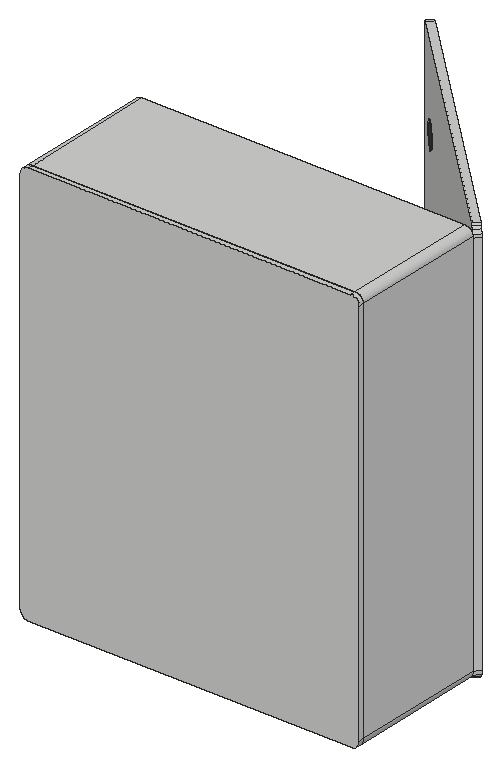
Revit family "Building-SurfaceMountingEnclosures-GEWISS-44CEP-DISTRIBUTION-BOARD-GWPLAST_BLANK_DOOR_IP55", category Attrezzatura elettrica, host Muro, Revit 2016
Family settings
  Host = Muro
  Configurazione quadro = Due colonne, circuiti in orizzontale
  Tipo di parte = Pannello comandi
  Quota connettore circolare = Usa diametro
  Numero OmniClass = 23.80.30.11.17
  Titolo OmniClass = Distribution Boards and Control Panels
  Sempre verticale = Sì
  Taglio con vuoti quando caricato = No
  Condiviso = No
  Punto di calcolo locali = Sì
Parameters (values of type "GW44811 - WATERT.BOARD 396X474X160 IP55 BLANK DOOR")
  Vista di pianta [instance] = yes
  Version file RFA = "18.0"
  URL = "https://www.gewiss.com/ww/en"
  Type of material = "Halogen-free in compliance with EN 60754-2"
  Type of door = "Blank door"
  Thermo-pressure with ball = "110 °C"
  Technical sheet = "https://www.gewiss.com/ww/en/search?q=GW44811"
  Struttura quadro = GEWISS - GRIGIO RAL 7035
  Standard. = "EN 61439-1, EN 61439-2, EN60670-1, IEC 60670-24"
  Standard = "EN 61439-1, EN 61439-2, EN60670-1, IEC 60670-24"
  Sportello visibile [instance] = yes
  Spessore quadro = 160 mm
  Simbolo [instance] = yes
  Shock resistance = "IK08"
  SEO = "Board"
  Realized by GEWISS S.p.A. = ""
  Rated insulation voltage (Ui) = "750V"
  Rated impulse withstand voltage = "750V"
  Produttore = "GEWISS S.p.A."
  Potenza quadro = 0 V
  Porta = GEWISS - Pannello cieco : 2 FORI
  Pannello = GEWISS - GRIGIO RAL 7035
  Outer dim. LxHxD (mm) = "396x474x160"
  Operating temperature = "-25 +60 °C"
  Offset etichetta nome quadro [instance] = 685.076 mm
  No. of modules EN 50022: = "32 (16X2)"
  No. locks = "2"
  No. EN 50022 mod. per comp. = "32 (16X2)"
  Modello = "GW44811"
  Maximum rated insulation voltage (Ue) = "750V"
  Material = "Technopolymer GWPLAST 120"
  Maniglia visibile [instance] = yes
  Maniglia = GEWISS - NERO
  Larghezza quadro = 396 mm
  Insulation voltage: = "750 V"
  Insulation voltage = "750V"
  Insulation class = "II"
  Immagine tipo = GW44808.jpg
  IP degree = "IP55"
  IFC.TypeObject = ""
  IFC.ExportType = ""
  IFC.ExportAs = ""
  IDT = "de051df7-38e9-40b9-ab4d-7bc773408338"
  IDF = "34fc3f6a-3b08-49b0-8701-0c2d89362dfc"
  H_quadro = 474 mm
  H_da terra = 500 mm
  Glow Wire Test = "650°C"
  GW - NOME QUADRO [instance] = "NOME QUADRO"
  GEWISS SCHEDA TECNICA = "http://pro.gewiss.com/irj/portal/?NavigationTarget=pcd:portal_content/com.gewiss.ZPPFDMain/com.gewiss.ZPPFDITMain/com.gewiss.ZPPFDITMainDefault/com.gewiss.ZPPFDITPages/com.gewiss.ZPPFDITPagesAP/com.gewiss.ZPPFDITPagesAPCatalogo/com.gewiss.ZPPPDITAPProductDetail&codProd=GW44811"
  Family = "44 CEP"
  Etichetta nome quadro [instance] = yes
  Electrocod = "1312"
  EAN code = "8011564028470"
  Distanza_fori = 100 mm
  Distanza orizzontale del simbolo [instance] = 887.355 mm
  Distanza dal muro [instance] = 4.208 mm
  Dispersible power B (W) = "46"
  Dispersible power A (W) = "52"
  Descrizione = "WATERT.BOARD 396X474X160 IP55 BLANK DOOR"
  Cornice simbolo [instance] = yes
  Colour = "Grey RAL 7035"
  Classificazione carico = Other
  Catalogue Range = "44 CEP"
  Catalogue = "BUILDING"
  Carico Apparente = 0 VA
  COBie.Tagnumber = ""
  COBie.CreatedOn = ""
  COBie.CreatebBy = ""
  COBie.ComponentRegisterItemID = ""
  COBie.Component.TagNumber = ""
  COBie.Component.Space = ""
  COBie.Component.SerialNumber = ""
  COBie.Component.InstallationDate = ""
  COBie.Component.Description = ""
  COBie.Component.BarCode = ""
  Bidimensionale = 2D - CEP QUADRI STAGNI GWPLAST IP55 : 2 fori
  Apertura quadro [instance] = 45.00°
  Angolo di apertura reale [instance] = if(Apertura quadro < 0.00°, 0.00°, if(Apertura quadro > 180.00°, 180.00°, Apertura quadro))  # 45.00°
  Accessories for insulation restoring = "GW44621-GW46446-GW46451"
Types (4, lengths in mm): name | Technical sheet | Spessore quadro | Porta | Outer dim. LxHxD (mm) | Offset etichetta nome quadro | No. of modules EN 50022: | No. locks | No. EN 50022 mod. per comp. | Modello | Larghezza quadro | IDT | H_quadro | H_da terra | GEWISS SCHEDA TECNICA | EAN code | Distanza orizzontale del simbolo | Dispersible power B (W) | Dispersible power A (W) | Descrizione | Bidimensionale
  GW44808 - WATERT.BOARD 200X254X135 IP55 BLANK DOOR | "https://www.gewiss.com/ww/en/search?q=GW44808" | 135 | GEWISS - Pannello cieco : 1 FORO | "200x254x135" | 685.076 | "" | "1" | "-" | "GW44808" | 200 | "dc6aaac6-f934-413c-811c-a9c2cc1ec30c" | 254 | 500 | "http://pro.gewiss.com/irj/portal/?NavigationTarget=pcd:portal_content/com.gewiss.ZPPFDMain/com.gewiss.ZPPFDITMain/com.gewiss.ZPPFDITMainDefault/com.gewiss.ZPPFDITPages/com.gewiss.ZPPFDITPagesAP/com.gewiss.ZPPFDITPagesAPCatalogo/com.gewiss.ZPPPDITAPProductDetail&codProd=GW44811" | "8011564028524" | 887.355 | "17" | "16" | "WATERT.BOARD 200X254X135 IP55 BLANK DOOR" | 2D - CEP QUADRI STAGNI GWPLAST IP55 : 1 foro
  GW44809 - WATERT.BOARD 236X316X135 IP55 BLANK DOOR | "https://www.gewiss.com/ww/en/search?q=GW44809" | 135 | GEWISS - Pannello cieco : 1 FORO | "236x316x135" | 685.1 | "8" | "1" | "8" | "GW44809" | 236 | "8ebf1045-4170-4501-ab2a-18a17f89c6fb" | 316 | 500 | "http://pro.gewiss.com/irj/portal/?NavigationTarget=pcd:portal_content/com.gewiss.ZPPFDMain/com.gewiss.ZPPFDITMain/com.gewiss.ZPPFDITMainDefault/com.gewiss.ZPPFDITPages/com.gewiss.ZPPFDITPagesAP/com.gewiss.ZPPFDITPagesAPCatalogo/com.gewiss.ZPPPDITAPProductDetail&codProd=GW44809" | "8011564028531" | 1033.355 | "31" | "26" | "WATERT.BOARD 236X316X135 IP55 BLANK DOOR" | 2D - CEP QUADRI STAGNI GWPLAST IP55 : 1 foro
  GW44810 - WATERT.BOARD 316X396X160 IP55 BLANK DOOR | "https://www.gewiss.com/ww/en/search?q=GW44810" | 160 | GEWISS - Pannello cieco : 2 FORI | "316x396x160" | 685.076 | "24 (12X2)" | "2" | "24 (12X2)" | "GW44810" | 316 | "36204c1d-ad06-4728-a5b7-e880479a354f" | 396 | 396 | "http://pro.gewiss.com/irj/portal/?NavigationTarget=pcd:portal_content/com.gewiss.ZPPFDMain/com.gewiss.ZPPFDITMain/com.gewiss.ZPPFDITMainDefault/com.gewiss.ZPPFDITPages/com.gewiss.ZPPFDITPagesAP/com.gewiss.ZPPFDITPagesAPCatalogo/com.gewiss.ZPPPDITAPProductDetail&codProd=GW44810" | "8011564028463" | 1033.355 | "34" | "42" | "WATERT.BOARD 316X396X160 IP55 BLANK DOOR" | 2D - CEP QUADRI STAGNI GWPLAST IP55 : 2 fori
  GW44811 - WATERT.BOARD 396X474X160 IP55 BLANK DOOR | "https://www.gewiss.com/ww/en/search?q=GW44811" | 160 | GEWISS - Pannello cieco : 2 FORI | "396x474x160" | 685.076 | "32 (16X2)" | "2" | "32 (16X2)" | "GW44811" | 396 | "de051df7-38e9-40b9-ab4d-7bc773408338" | 474 | 500 | "http://pro.gewiss.com/irj/portal/?NavigationTarget=pcd:portal_content/com.gewiss.ZPPFDMain/com.gewiss.ZPPFDITMain/com.gewiss.ZPPFDITMainDefault/com.gewiss.ZPPFDITPages/com.gewiss.ZPPFDITPagesAP/com.gewiss.ZPPFDITPagesAPCatalogo/com.gewiss.ZPPPDITAPProductDetail&codProd=GW44811" | "8011564028470" | 887.355 | "46" | "52" | "WATERT.BOARD 396X474X160 IP55 BLANK DOOR" | 2D - CEP QUADRI STAGNI GWPLAST IP55 : 2 fori
Reference planes
  plane 1 "Muro": y = 0
  plane 2 "Centro (Sinistra/Destra)": x = 125
  plane 3 "Indietro": y = 75
  plane 4 "SX": x = -73
  plane 5 "DX": x = 323
  plane 6: y = 241
  plane 7 "Base quadro": z = 500
  plane 8: z = 974
  plane 9: y = 81
  plane 10: z = 737
  plane 11: x = -960.355
  plane 12: y = 760.076
Forms (mm)
  Extrusion 1, solid, material "GEWISS - GRIGIO RAL 7035" <- "Struttura quadro"
    sketch origin (0, 0, 0) x (1, 0, 0) y (0, 0, 1)
      loop
        line (313.613, 974) -> (-63.613, 974)
        arc (-63.613, 974) -> (-70.251, 971.251) -> (-73, 964.613) r 9.387
        line (-73, 964.613) -> (-73, 509.387)
        arc (-73, 509.387) -> (-70.251, 502.749) -> (-63.613, 500) r 9.387
        line (-63.613, 500) -> (313.613, 500)
        arc (313.613, 500) -> (320.251, 502.749) -> (323, 509.387) r 9.387
        line (323, 509.387) -> (323, 964.613)
        arc (323, 964.613) -> (320.251, 971.251) -> (313.613, 974) r 9.387
      loop
        line (297.613, 954) -> (-47.613, 954)
        arc (-47.613, 954) -> (-51.422, 952.422) -> (-53, 948.613) r 5.387
        line (-53, 948.613) -> (-53, 525.387)
        arc (-53, 525.387) -> (-51.422, 521.578) -> (-47.613, 520) r 5.387
        line (-47.613, 520) -> (297.613, 520)
        arc (297.613, 520) -> (301.422, 521.578) -> (303, 525.387) r 5.387
        line (303, 525.387) -> (303, 948.613)
        arc (303, 948.613) -> (301.422, 952.422) -> (297.613, 954) r 5.387
    from -241 to -81
  Extrusion 2, solid, material "GEWISS - GRIGIO RAL 7035" <- "Pannello"
    sketch origin (0, 0, 0) x (1, 0, 0) y (0, 0, 1)
      loop
        arc (-63.613, 974) -> (-70.251, 971.251) -> (-73, 964.613) r 9.387
        line (-73, 964.613) -> (-73, 509.387)
        arc (-73, 509.387) -> (-70.251, 502.749) -> (-63.613, 500) r 9.387
        line (-63.613, 500) -> (313.613, 500)
        arc (313.613, 500) -> (320.251, 502.749) -> (323, 509.387) r 9.387
        line (323, 509.387) -> (323, 964.613)
        arc (323, 964.613) -> (320.251, 971.251) -> (313.613, 974) r 9.387
        line (313.613, 974) -> (-63.613, 974)
    from -81 to -75
Lines and regions (mm)
  Masking region 1, visible <- "Vista di pianta"
    outline origin (-33, 241, 0) x (0.984808, 0.173648, 0) y (-0.173648, 0.984808, 0)
      loop
        line (321.766, -225.297) -> (350.592, -61.819) -> (-39.392, 6.946) -> (-68.218, -156.532) -> (321.766, -225.297)
  Masking region 2
    outline origin (125, 0, 0) x (0, 1, 0) y (0, 0, 1)
      loop
        line (75, 500) -> (241, 500) -> (241, 974) -> (75, 974) -> (75, 500)
  Masking region 3, visible <- "Vista di pianta"
    outline origin (-38.777, 208.238, 0) x (0.984808, 0.173648, 0) y (-0.173648, 0.984808, 0)
      loop
        line (134.833, 293.827) -> (361.97, -30.558) -> (368.523, -25.969) -> (141.387, 298.415) -> (134.833, 293.827)
  reference lines
    curve 1: line (323, 241, 0) -> (40.157, 523.843, 0)
Text (mm)
  text "Lato posizionamento" at (-2540.362, 1733.729, 0), in view "Livello rif."
  text "Lato posizionamento" at (0, 1409.804, 2854.306), in view "Sinistra"
  text "Lato posizionamento" at (0, 499.811, 2980.732), in view "Destra"
Dimensions and locks
  locked: plane 3 "Indietro" to host wall
  "H_da terra": level to plane 7 "Base quadro"
  "H_quadro": plane 7 "Base quadro" to plane 8
  locked: plane 9 to host wall at 6
  "Spessore quadro": plane 6 to plane 9
  equal spacing: plane 7 "Base quadro", plane 10, plane 8
  "Larghezza quadro": plane 4 "SX" to plane 5 "DX"
  "Distanza orizzontale del simbolo": plane 11 to plane 4 "SX"
  "Offset etichetta nome quadro": plane 12 to plane 3 "Indietro"
  equal spacing: plane 4 "SX", plane 2 "Centro (Sinistra/Destra)", plane 5 "DX"
  locked: Extrusion 1 sketch curve to Extrusion 1 sketch curve at 20  (x4)
  "Apertura quadro": angle curve 1 to plane 6
  aligned and locked: plane 1 "Muro" to host wall
  aligned and locked: plane 8 to Extrusion 1 sketch curve
  aligned and locked: plane 5 "DX" to Extrusion 1 sketch curve
  aligned and locked: Extrusion 1 sketch curve to plane 7 "Base quadro"
  aligned and locked: Extrusion 1 sketch curve to plane 4 "SX"
  aligned and locked: plane 6 to Extrusion 1
  aligned and locked: Extrusion 1 to plane 9
  aligned and locked: plane 9 to Extrusion 2
  aligned and locked: Extrusion 2 to host wall
  aligned and locked: nested 2 to plane 12
  aligned and locked: plane 11 to nested 3
  aligned and locked: Masking region 1 sketch curve to plane 6
  aligned and locked: Masking region 1 sketch curve to plane 3 "Indietro"
  aligned and locked: Masking region 1 sketch curve to plane 5 "DX"
  aligned and locked: plane 4 "SX" to Masking region 1 sketch curve
  aligned and locked: Masking region 2 sketch curve to Extrusion 2
  aligned and locked: Masking region 2 sketch curve to Extrusion 1  (x2)
  aligned and locked: plane 10 to nested 4
  aligned and locked: plane 5 "DX" to nested 4
  aligned and locked: plane 7 "Base quadro" to nested 1
  aligned and locked: plane 6 to Masking region 1  (x2)
  aligned and locked: Extrusion 2 sketch curve to Extrusion 1  (x4)
  aligned and locked: plane 2 "Centro (Sinistra/Destra)" to nested 2
  aligned and locked: plane 5 "DX" to curve 1
  aligned and locked: Masking region 3 sketch curve to nested 1  (x4)
  aligned and locked: nested 1 to curve 1  (x2)
Automatic sketch dimensions
  Extrusion 1 sketch curve to Extrusion 1 sketch curve = 5.387 mm  (x3)
  Extrusion 1 sketch curve to Extrusion 1 sketch curve = 10.613 mm
  Extrusion 1 sketch curve to Extrusion 1 sketch curve = 16 mm  (x4)
  Extrusion 2 sketch curve to Extrusion 2 sketch curve = 9.387 mm  (x2)
  Extrusion 2 sketch curve to plane 5 "DX" = 9.387 mm  (x2)
  Masking region 2 sketch curve to plane 7 "Base quadro" = 0 mm
  curve 1 to plane 6 = 0 mm
Nested families
  nested 1: "GEWISS - Pannello cieco" at (182.993, 381.007, 104) x (0.7071, -0.7071, 0) z (0, 0, 1), visible <- "Sportello visibile", H_pannello <- "H_quadro", Larghezza pannello <- "Larghezza quadro", type <- "Porta", type "2 FORI"
    with Larghezza pannello 396 mm, H_pannello 474 mm
  nested 2: "NOME QUADRO" at (125, 760.076, 0), TXT <- "GW - NOME QUADRO", visible <- "Etichetta nome quadro", type "NOME QUADRO"
    with TXT "NOME QUADRO"
  nested 3: "QUADRILAN" at (-960.355, 75, 0), Distanza dal muro <- "Distanza dal muro", BORDO ACCESO <- "Cornice simbolo", SIMBOLO ACCESO <- "Simbolo", type "QUADRILAN"
    with SIMBOLO ACCESO yes, Distanza dal muro 4.208 mm, BORDO ACCESO yes
  nested 4: "2D - CEP QUADRI STAGNI GWPLAST IP55" at (125, 0, 737) x (-1, 0, 0) z (0, -1, 0), Altezza <- "H_quadro", Larghezza <- "Larghezza quadro", type <- "Bidimensionale", type "2 fori"
    with Larghezza 396 mm, Altezza 474 mm
Connectors
  electrical at (125, 161, 974), driven by "Carico Apparente", driven by "Classificazione carico", driven by "Potenza quadro"
    settings: on Extrusion 1, index 1, voltage 0 V, apparent load 0 VA, apparent load phase1 0 VA, apparent load phase2 0 VA, apparent load phase3 0 VA, power factor 1, load classification "Other", number of poles 1, system type 31, power factor state 1, is connector primary yes, connector utility no, sub classification motor no, connector description ""
Definition of nested family "GEWISS - Pannello cieco"
  Parameters (values of type "2 FORI")
    Default Elevation = 1219.2 mm
    Pannello = none
    Maniglia = none
    Larghezza pannello [instance] = 316 mm
    H_pannello [instance] = 396 mm
    H_da terra = 396 mm
    2 FORI = yes
    1 FORO = no
  Types (3, lengths in mm): name | 2 FORI | 1 FORO
    (no name) | yes | no
    1 FORO | no | yes
    2 FORI | yes | no
  Reference planes
    plane 1 "Centro (Fronte/Retro)": y = 0
    plane 2: z = 0
    plane 3 "Centro (Sinistra/Destra)": x = 0
    plane 4: x = -158
    plane 5: x = 158
    plane 6: y = 8
    plane 7: z = 792
    plane 8: z = 396
    plane 9: z = 594
    plane 10: x = -115.8
    plane 11: z = 691.5
    plane 12: z = 508.2
  Forms (mm)
    Extrusion 1, solid, material <- "Pannello", visible <- "1 FORO"
      sketch origin (0, 0, 0) x (1, 0, 0) y (0, 0, 1)
        loop
          line (-148.613, 792) -> (-152.972, 790.92) -> (-155.581, 788.905) -> (-157.569, 785.491) -> (-158, 781.674) -> (-158, 406.326) -> (-157.277, 401.774) -> (-155.331, 398.831) -> (-152.312, 396.76) -> (-148.613, 396) -> (148.613, 396) -> (152.205, 396.714) -> (155.251, 398.749) -> (157.335, 401.918) -> (158, 406.326) -> (158, 781.674) -> (157.678, 785.136) -> (155.581, 788.905) -> (152.77, 791.023) -> (148.613, 792) -> (-148.613, 792)
        loop
          circle (-115.8, 594) r 14.644
      from -8 to 0
    Extrusion 2, solid, material <- "Maniglia", visible <- "1 FORO"
      sketch origin (0, 0, 0) x (1, 0, 0) y (0, 0, 1)
        loop
          circle (-115.8, 594) r 14.644
      from -8 to 0
    Extrusion 3, solid, material <- "Pannello", visible <- "2 FORI"
      sketch origin (0, 0, 0) x (1, 0, 0) y (0, 0, 1)
        loop
          line (-148.613, 792) -> (-152.972, 790.92) -> (-155.581, 788.905) -> (-157.569, 785.491) -> (-158, 781.674) -> (-158, 406.326) -> (-157.277, 401.774) -> (-155.331, 398.831) -> (-152.312, 396.76) -> (-148.613, 396) -> (148.613, 396) -> (152.205, 396.714) -> (155.251, 398.749) -> (157.335, 401.918) -> (158, 406.326) -> (158, 781.674) -> (157.678, 785.136) -> (155.581, 788.905) -> (152.77, 791.023) -> (148.613, 792) -> (-148.613, 792)
        loop
          circle (-115.8, 691.5) r 14.644
        loop
          circle (-115.8, 508.2) r 14.644
      from -8 to 0
    Extrusion 4, solid, material <- "Maniglia", visible <- "2 FORI"
      sketch origin (0, 0, 0) x (1, 0, 0) y (0, 0, 1)
        loop
          circle (-115.8, 691.5) r 14.644
        loop
          circle (-115.8, 508.2) r 14.644
      from -8 to 0
  Dimensions and locks
    locked: plane 1 "Centro (Fronte/Retro)" to plane 6 at 8
    "H_pannello": plane 7 to plane 8
    "H_da terra": plane 8 to plane 2
    "Larghezza pannello": plane 4 to plane 5
    equal spacing: plane 5, plane 3 "Centro (Sinistra/Destra)", plane 4
    equal spacing: plane 7, plane 9, plane 8
    locked: plane 7 to plane 11 at 100.5
    locked: plane 12 to plane 8 at 112.2
    locked: plane 10 to plane 4 at 42.2
    aligned and locked: level to plane 2
    aligned and locked: plane 6 to Extrusion 1
    aligned and locked: plane 1 "Centro (Fronte/Retro)" to Extrusion 1
    aligned and locked: plane 6 to Extrusion 2
    aligned and locked: plane 1 "Centro (Fronte/Retro)" to Extrusion 2
    aligned and locked: plane 9 to Extrusion 1 sketch curve
    aligned and locked: Extrusion 2 sketch curve to Extrusion 1
  Automatic sketch dimensions
    plane 4 to Extrusion 1 sketch curve = 0.431 mm
    plane 4 to Extrusion 1 sketch curve = 0.723 mm
    plane 4 to Extrusion 1 sketch curve = 2.419 mm
    plane 4 to Extrusion 1 sketch curve = 2.669 mm
    Extrusion 1 sketch curve to plane 7 = 1.08 mm
    Extrusion 1 sketch curve to Extrusion 1 sketch curve = 2.609 mm
    plane 8 to Extrusion 1 sketch curve = 0.76 mm
    Extrusion 1 sketch curve to Extrusion 1 sketch curve = 3.019 mm
    Extrusion 1 sketch curve to Extrusion 1 sketch curve = 4.359 mm
    Extrusion 1 sketch curve to Extrusion 1 sketch curve = 3.699 mm
    Extrusion 1 sketch curve to plane 5 = 9.387 mm  (x2)
    plane 8 to Extrusion 1 sketch curve = 0.714 mm
    Extrusion 1 sketch curve to Extrusion 1 sketch curve = 3.592 mm
    Extrusion 1 sketch curve to plane 7 = 0.977 mm
    Extrusion 1 sketch curve to Extrusion 1 sketch curve = 4.157 mm
    Extrusion 1 sketch curve to plane 5 = 2.749 mm
    Extrusion 1 sketch curve to plane 5 = 2.419 mm
    Extrusion 1 sketch curve to plane 5 = 0.665 mm
    Extrusion 1 sketch curve to plane 5 = 0.322 mm
    plane 8 to Extrusion 1 sketch curve = 2.749 mm
    plane 8 to Extrusion 1 sketch curve = 2.831 mm
    Extrusion 1 sketch curve to Extrusion 1 sketch curve = 2.944 mm
    Extrusion 1 sketch curve to Extrusion 1 sketch curve = 3.168 mm
    Extrusion 1 sketch curve to Extrusion 1 sketch curve = 4.408 mm
    Extrusion 1 sketch curve to Extrusion 1 sketch curve = 4.552 mm
    Extrusion 1 sketch curve to plane 7 = 10.326 mm  (x2)
    Extrusion 1 sketch curve to Extrusion 1 sketch curve = 3.462 mm
    Extrusion 1 sketch curve to Extrusion 1 sketch curve = 3.817 mm
    Extrusion 1 sketch curve to plane 7 = 3.095 mm  (x2)
    Extrusion 1 sketch curve to plane 4 = 0 mm
    Extrusion 1 sketch curve to plane 5 = 0 mm
    Extrusion 1 sketch curve to plane 8 = 0 mm
    Extrusion 1 sketch curve to plane 7 = 0 mm
    Extrusion 1 sketch curve to plane 10 = 0 mm
    Extrusion 1 sketch curve to Extrusion 1 sketch curve = 14.644 mm
    Extrusion 3 sketch curve to Extrusion 3 sketch curve = 0 mm  (x4)
    Extrusion 3 sketch curve to plane 4 = 0 mm
    Extrusion 3 sketch curve to plane 7 = 0 mm
    Extrusion 3 sketch curve to plane 8 = 0 mm
    Extrusion 3 sketch curve to plane 11 = 0 mm
    Extrusion 3 sketch curve to plane 12 = 0 mm
    Extrusion 3 sketch curve to plane 10 = 0 mm  (x2)
    Extrusion 3 sketch curve to plane 5 = 0 mm
    plane 4 to Extrusion 3 sketch curve = 0.431 mm
    plane 4 to Extrusion 3 sketch curve = 0.723 mm
    plane 4 to Extrusion 3 sketch curve = 2.419 mm
    plane 4 to Extrusion 3 sketch curve = 2.669 mm
    Extrusion 3 sketch curve to plane 7 = 1.08 mm
    Extrusion 3 sketch curve to Extrusion 3 sketch curve = 2.609 mm
    plane 8 to Extrusion 3 sketch curve = 0.76 mm
    Extrusion 3 sketch curve to Extrusion 3 sketch curve = 3.019 mm
    Extrusion 3 sketch curve to Extrusion 3 sketch curve = 4.359 mm
    Extrusion 3 sketch curve to Extrusion 3 sketch curve = 3.699 mm
    Extrusion 3 sketch curve to plane 5 = 9.387 mm  (x2)
    plane 8 to Extrusion 3 sketch curve = 0.714 mm
    Extrusion 3 sketch curve to Extrusion 3 sketch curve = 3.592 mm
    Extrusion 3 sketch curve to plane 7 = 0.977 mm
    Extrusion 3 sketch curve to Extrusion 3 sketch curve = 4.157 mm
    Extrusion 3 sketch curve to plane 5 = 2.749 mm
    Extrusion 3 sketch curve to plane 5 = 2.419 mm
    Extrusion 3 sketch curve to plane 5 = 0.665 mm
    Extrusion 3 sketch curve to plane 5 = 0.322 mm
    plane 8 to Extrusion 3 sketch curve = 2.749 mm
    plane 8 to Extrusion 3 sketch curve = 2.831 mm
    Extrusion 3 sketch curve to Extrusion 3 sketch curve = 2.944 mm
    Extrusion 3 sketch curve to Extrusion 3 sketch curve = 3.168 mm
    Extrusion 3 sketch curve to Extrusion 3 sketch curve = 4.552 mm
    Extrusion 3 sketch curve to Extrusion 3 sketch curve = 4.408 mm
    Extrusion 3 sketch curve to plane 7 = 10.326 mm  (x2)
    Extrusion 3 sketch curve to Extrusion 3 sketch curve = 3.462 mm
    Extrusion 3 sketch curve to Extrusion 3 sketch curve = 3.817 mm
    Extrusion 3 sketch curve to plane 7 = 3.095 mm  (x2)
    Extrusion 3 sketch curve to Extrusion 3 sketch curve = 14.644 mm  (x2)
    Extrusion 4 sketch curve to plane 10 = 0 mm  (x2)
    Extrusion 4 sketch curve to plane 12 = 0 mm
    Extrusion 4 sketch curve to plane 11 = 0 mm
    radius of Extrusion 4 sketch curve = 14.644 mm  (x2)
Definition of nested family "NOME QUADRO"
  Parameters (values of type "NOME QUADRO")
    TXT [instance] = ""
  Reference planes
    plane 1: y = 0
    plane 2: x = 0
  Text (mm)
    label "NOME QUADRO" at (0.217, 0.029, 0), shows "TXT"
Definition of nested family "QUADRILAN"
  Parameters (values of type "QUADRILAN")
    SIMBOLO ACCESO [instance] = yes
    Distanza dal muro [instance] = 4.208 mm
    BORDO ACCESO [instance] = yes
  Reference planes
    plane 1: y = 0
    plane 2: x = 0
  Dimensions and locks
    "Distanza dal muro": plane 1 to nested 1
    aligned and locked: plane 2 to nested 1
  Nested families
    nested 1: "QUADRILAN_BASE" at (0, 4.208, 0), BORDO ACCESO <- "BORDO ACCESO", visible <- "SIMBOLO ACCESO", type "QUADRILAN"
      with BORDO ACCESO yes
  Definition of nested family "QUADRILAN_BASE"
    Parameters (values of type "QUADRILAN")
      Distanza dal muro = 4.208 mm
      BORDO ACCESO [instance] = yes
    Reference planes
      plane 1: y = 0
      plane 2: x = 0
    Lines and regions (mm)
      detail lines, visible <- "BORDO ACCESO"
        curve 1: line (-2, 2.5, 0) -> (2, 2.5, 0)
        curve 2: line (2, 2.5, 0) -> (2, 0, 0)
        curve 3: line (2, 0, 0) -> (-2, 0, 0)
        curve 4: line (-2, 0, 0) -> (-2, 2.5, 0)
        curve 5: line (-1.9, 2.4, 0) -> (1.9, 2.4, 0)
        curve 6: line (1.9, 2.4, 0) -> (1.9, 0.1, 0)
        curve 7: line (1.9, 0.1, 0) -> (-1.9, 0.1, 0)
        curve 8: line (-1.9, 0.1, 0) -> (-1.9, 2.4, 0)
      detail lines, visible <- "BORDO ACCESO", not visible
        curve 9: line (-2.443, 10.208, 0) -> (2.057, 10.208, 0)
        curve 10: line (2.057, 10.208, 0) -> (2.057, 4.208, 0)
        curve 11: line (2.057, 4.208, 0) -> (-2.443, 4.208, 0)
        curve 12: line (-2.443, 4.208, 0) -> (-2.443, 10.208, 0)
        curve 13: line (-2.043, 9.808, 0) -> (1.657, 9.808, 0)
        curve 14: line (1.657, 9.808, 0) -> (1.657, 4.608, 0)
        curve 15: line (1.657, 4.608, 0) -> (-2.043, 4.608, 0)
        curve 16: line (-2.043, 4.608, 0) -> (-2.043, 9.808, 0)
      detail lines
        curve 17: line (1.731, 0.358, 0) -> (-1.731, 2.088, 0)
        curve 18: line (-1.731, 2.088, 0) -> (-0.201, 2.088, 0)
        curve 19: line (-0.201, 2.088, 0) -> (1.731, 2.088, 0)
        curve 20: line (1.731, 2.088, 0) -> (1.731, 0.358, 0)
        curve 21: line (1.731, 0.358, 0) -> (-1.731, 0.358, 0)
        curve 22: line (-1.731, 0.358, 0) -> (-1.731, 2.088, 0)
    Dimensions and locks
      aligned and locked: curve 3 to plane 1
Definition of nested family "2D - CEP QUADRI STAGNI GWPLAST IP55"
  Parameters (values of type "1 foro")
    Larghezza [instance] = 396 mm
    Altezza [instance] = 474 mm
    2 fori = no
    1 foro = yes
  Types (2, lengths in mm): name | 2 fori | 1 foro
    1 foro | no | yes
    2 fori | yes | no
  Reference planes
    plane 1 "Centro (Fronte/Retro)": y = 0
    plane 2: z = 0
    plane 3 "Centro (Sinistra/Destra)": x = 0
    plane 4: x = -198
    plane 5: x = 198
    plane 6: y = 237
    plane 7: y = -237
  Lines and regions (mm)
    model lines, in view "Livello rif.", visible <- "2 fori", detail levels medium+fine
      curve 1: circle (155.757, -136.483, 0) r 14.644 normal (0, 0, 1)
      curve 2: circle (155.757, -136.483, 0) r 11.828 normal (0, 0, 1)
      curve 3: circle (155.757, -136.483, 0) r 7.04 normal (0, 0, 1)
      curve 4: circle (155.757, 124.834, 0) r 11.828 normal (0, 0, 1)
      curve 5: circle (155.757, 124.834, 0) r 14.644 normal (0, 0, 1)
      curve 6: circle (155.757, 124.834, 0) r 7.04 normal (0, 0, 1)
    model lines, in view "Livello rif."
      curve 7: line (-188.613, -237, 0) -> (-192.172, -236.299, 0)
      curve 8: line (-192.172, -236.299, 0) -> (-195.251, -234.251, 0)
      curve 9: line (-195.251, -234.251, 0) -> (-197.445, -230.793, 0)
      curve 10: line (-197.445, -230.793, 0) -> (-198, -227.613, 0)
      curve 11: line (-198, -227.613, 0) -> (-198, 226.674, 0)
      curve 13: line (198, 226.674, 0) -> (198, -227.613, 0)
      curve 14: line (198, -227.613, 0) -> (197.281, -231.215, 0)
      curve 15: line (197.281, -231.215, 0) -> (195.251, -234.251, 0)
      curve 16: line (195.251, -234.251, 0) -> (192.25, -236.267, 0)
      curve 17: line (192.25, -236.267, 0) -> (188.613, -237, 0)
      curve 18: line (188.613, -237, 0) -> (-188.613, -237, 0)
      curve 20: line (-198, 226.674, 0) -> (-198, 227.613, 0)
      curve 21: line (-198, 227.613, 0) -> (-197.339, 231.072, 0)
      curve 22: line (-197.339, 231.072, 0) -> (-195.362, 234.137, 0)
      curve 23: line (-195.362, 234.137, 0) -> (-192.869, 235.98, 0)
      curve 24: line (-192.869, 235.98, 0) -> (-188.613, 237, 0)
      curve 25: line (-188.613, 237, 0) -> (188.613, 237, 0)
      curve 26: line (188.613, 237, 0) -> (192.796, 236.016, 0)
      curve 27: line (192.796, 236.016, 0) -> (195.251, 234.251, 0)
      curve 28: line (195.251, 234.251, 0) -> (197.047, 231.734, 0)
      curve 29: line (197.047, 231.734, 0) -> (198, 227.613, 0)
      curve 30: line (198, 227.613, 0) -> (198, 226.674, 0)
    model lines, in view "Livello rif.", detail levels medium+fine
      curve 12: line (-198, 226.674, 0) -> (198, 226.674, 0)
      curve 19: line (198, -226.674, 0) -> (-198, -226.674, 0)
    detail lines, in view "Livello rif.", visible <- "1 foro", detail levels medium+fine
      curve 31: circle (155.757, 0, 0) r 11.828 normal (0, 0, 1)
      curve 32: circle (155.757, 0, 0) r 14.644 normal (0, 0, 1)
      curve 33: circle (155.757, 0, 0) r 7.04 normal (0, 0, 1)
  Dimensions and locks
    equal spacing: plane 6, plane 1 "Centro (Fronte/Retro)", plane 7
    "Altezza": plane 6 to plane 7
    equal spacing: plane 4, plane 3 "Centro (Sinistra/Destra)", plane 5
    "Larghezza": plane 4 to plane 5
    locked: curve 6 to plane 5 at 42.243
    locked: plane 6 to curve 5 at 112.166
    locked: curve 1 to plane 7 at 100.517
    curve 2 to plane 5 = 42.243 mm
    locked: curve 31 to plane 5 at 42.243
    aligned and locked: curve 25 to plane 6
    aligned and locked: plane 7 to curve 18
    aligned and locked: curve 13 to plane 5
    aligned and locked: plane 4 to curve 11
  Automatic sketch dimensions
    curve 1 to curve 2 = 0 mm  (x2)
    curve 1 to curve 3 = 0 mm  (x2)
    curve 4 to curve 5 = 0 mm  (x2)
    curve 4 to curve 6 = 0 mm  (x2)
    curve 31 to curve 32 = 0 mm  (x3)
    curve 32 to curve 33 = 0 mm  (x3)
    plane 4 to curve 10 = 0.555 mm
    plane 4 to curve 22 = 0.661 mm
    plane 4 to curve 22 = 2.638 mm
    plane 4 to curve 9 = 2.749 mm
    curve 23 to plane 6 = 1.02 mm
    curve 22 to curve 23 = 2.493 mm
    plane 7 to curve 8 = 0.701 mm
    curve 8 to curve 8 = 3.078 mm
    curve 7 to curve 18 = 3.56 mm
    curve 23 to curve 24 = 4.256 mm
    curve 26 to plane 5 = 9.387 mm
    curve 17 to plane 5 = 9.387 mm
    plane 7 to curve 16 = 0.733 mm
    curve 17 to curve 16 = 3.637 mm
    curve 26 to plane 6 = 0.984 mm
    curve 25 to curve 26 = 4.183 mm
    curve 28 to plane 5 = 2.749 mm
    curve 15 to plane 5 = 2.749 mm
    curve 28 to plane 5 = 0.953 mm
    curve 14 to plane 5 = 0.719 mm
    plane 7 to curve 15 = 2.749 mm
    plane 7 to curve 8 = 2.749 mm
    curve 15 to curve 15 = 3.036 mm
    curve 8 to curve 9 = 3.458 mm
    curve 9 to curve 11 = 3.18 mm
    curve 14 to curve 13 = 3.602 mm
    curve 20 to plane 6 = 10.326 mm
    curve 12 to curve 29 = 0.939 mm
    curve 11 to curve 21 = 0.939 mm
    curve 20 to curve 22 = 3.46 mm
    curve 29 to curve 28 = 4.121 mm
    curve 22 to plane 6 = 2.863 mm
    curve 27 to plane 6 = 2.749 mm
    curve 13 to curve 19 = 0.939 mm
    curve 31 to curve 33 = 0 mm
    plane 1 "Centro (Fronte/Retro)" to curve 33 = 0 mm
    radius of curve 1 = 14.644 mm
    radius of curve 2 = 11.828 mm
    radius of curve 3 = 7.04 mm
    radius of curve 4 = 11.828 mm
    radius of curve 5 = 14.644 mm
    radius of curve 6 = 7.04 mm
    radius of curve 31 = 11.828 mm
    radius of curve 32 = 14.644 mm
    radius of curve 33 = 7.04 mm
